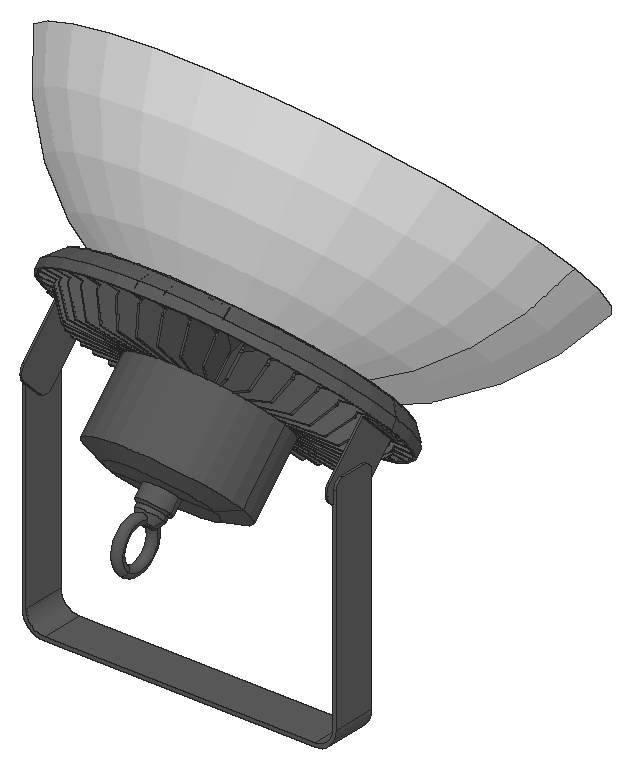
Revit family "0039350+0039353+0039356 Feilo Sylvania Lighting Fixture START HIGHBAY 6K 13KLM WIDE with BRACKET and ALU SHADE ALU COLOR", category Lighting Fixtures, host Face, Revit 2017
Family settings
  Host = Face
  Round Connector Dimension = Use Diameter
  Part Type = Normal
  OmniClass Number = 23.80.70.00
  OmniClass Title = Lighting
  Cut with Voids When Loaded = No
  Light Source = No
  Shared = No
  Room Calculation Point = No
Parameters (values of type "0039350+0039353+0039356 START HIGHBAY 6K 13KLM WIDE with BRACKET and ALU SHADE ALU COLOR")
  Weight = "3.0 kg"
  Wattage Comments = ""
  WarrantyStartDate [instance] = "n/a"
  WarrantyGuarantorParts = "n/a"
  WarrantyDurationUnit = "n/a"
  WarrantyDurationParts = "n/a"
  WarrantyDescription = "n/a"
  Voltage = 230 V
  URL = "http://www.sylvania-lighting.com"
  TypeName = "START HIGHBAY 6K 13KLM WIDE with BRACKET and ALU SHADE ALU COLOR"
  TypeHead_FEILO = Start LED Highbay Head : 0039350+0039353+0039356 START HIGHBAY 6K 13KLM WIDE with BRACKET and ALU SHADE ALU COLOR
  Type Image = <None>
  Type Comments = "n/a"
  TiltAngle_FEILO [instance] = 45.00°
  ThicknessBracketPlate_FEILO = 3 mm
  SizeBracketS_FEILO = yes
  SizeBracketM_FEILO = no
  SerialNumber [instance] = "n/a"
  RadiusBracketTop_FEILO = 7 mm
  RadiusBendOut_FEILO = if(SizeBracketS_FEILO, 18 mm, if(SizeBracketM_FEILO, 24 mm, 28 mm))  # 18 mm
  RadiusBendIn_FEILO = RadiusBendOut_FEILO - ThicknessBracketPlate_FEILO  # 15 mm
  Material_3_FEILO = none
  PowerFactor = 0.95
  PowerConsumption = "100 W"
  NominalLength = 270 mm
  NominalHeight = 170 mm
  NominalDepth = 270 mm
  Name = "START HIGHBAY 6K 13KLM WIDE with BRACKET and ALU SHADE ALU COLOR"
  ModelReference = Name  # "START HIGHBAY 6K 13KLM WIDE with BRACKET and ALU SHADE ALU COLOR"
  ModelNumber = "0039350+0039353+0039356"
  Model = Name  # "START HIGHBAY 6K 13KLM WIDE with BRACKET and ALU SHADE ALU COLOR"
  Material = "aluminium alloy housing, polycarbonate diffuser"
  ManufacturerName = "Feilo Sylvania"
  Manufacturer = "Feilo Sylvania"
  LuminousEfficacy = "130 lm/W"
  LuminaireType = ""
  LightOutputRatio = "n/a"
  LampsType = Lamp  # "LED"
  LampNominalLuminous = "13000 lm"
  LampMacAdamStep = "n/a"
  LampColourTemperature = "6500 K"
  LampColourRenderingIndex = "80"
  Lamp = "LED"
  Keynote = "16500"
  InstallationDate [instance] = "n/a"
  InputVoltage = "220-240V~"
  InputNominalFrequency = "50/60 Hz"
  IngressProtection = "IP65"
  ImpactProtectionIndex = "IK08"
  IfcExportType = "IfcLightFixtureType"
  IfcExportAs = "IfcLightFixtureType"
  ExpectedLife = 50000
  EndAngle_FEILO [instance] = TiltAngle_FEILO + 180.00°  # 225.00°
  ElectricShockClassification = "Class I"
  DurationUnit = "hours"
  DocumentationLiterature = "http://www.sylvania-lighting.com/product/en-int/products/0039350"
  DimmingControlOptions = "n/a"
  Material_2_FEILO = none
  Description = "START HIGHBAY, includes 1 m cables, black aluminium housing, 13000LM, 100W, 130lm/W, 6500K, Driver current: 2140mA, CR80, 60° beam angle, 1-10V dimmable,  IP65, IK08, 50,000 hrs (L70B50), (LxWxH) 270x270x170mm"
  Default Elevation = 1219.2 mm
  CreatedOn = "2/28/2018"
  CreatedBy = ""
  Cost = 0
  built-in parameter 1114216 [instance] = (empty or 0)
  ClassificationValue = "EF_70_80"
  ClassificationName = "Uniclass2015"
  Material_1_FEILO = Body-Sylvania-StartHighbay-Black
  BracketHeight_FEILO = if(SizeBracketS_FEILO, 199.5 mm, if(SizeBracketM_FEILO, 209.6 mm, 201.3 mm))  # 199.5 mm
  BracketDistanceInner_FEILO = if(SizeBracketS_FEILO, 249.4 mm, if(SizeBracketM_FEILO, 273.6 mm, 313.2 mm))  # 249.4 mm
  BarCode [instance] = "n/a"
  AssetType = "Fixed"
  AssetIdentifier [instance] = "n/a"
  Assembly Code = "D5020200"
  Apparent Load = 100 VA
  Material_4_FEILO = none
Reference planes
  plane 1 "Center (Front/Back)": y = 0
  plane 2: z = 0
  plane 3 "Center (Left/Right)": x = 0
  plane 4: x = -127.7
  plane 5: x = 127.7
  plane 6: z = 199.5
  plane 7: x = -124.7
  plane 8: z = 3
  plane 9: x = 124.7
  plane 10: y = 17.5
  plane 11: y = -17.5
  plane 12: y = -19.5
  plane 13: z = 201.5
  plane 14: y = 19.5
  plane 15: z = 190.5
Forms (mm)
  Extrusion 1, solid, material "Body-Sylvania-StartHighbay-Black" <- "Material_1_FEILO"
    sketch origin (0, 0, 0) x (1, 0, 0) y (0, 0, 1)
      loop
        line (-127.7, 199.5) -> (-127.7, 18)
        arc (-127.7, 18) -> (-122.428, 5.272) -> (-109.7, 0) r 18
        line (-109.7, 0) -> (109.7, 0)
        arc (109.7, 0) -> (122.428, 5.272) -> (127.7, 18) r 18
        line (127.7, 18) -> (127.7, 199.5) -> (124.7, 199.5) -> (124.7, 18)
        arc (124.7, 18) -> (120.307, 7.393) -> (109.7, 3) r 15
        line (109.7, 3) -> (-109.7, 3)
        arc (-109.7, 3) -> (-120.307, 7.393) -> (-124.7, 18) r 15
        line (-124.7, 18) -> (-124.7, 199.5) -> (-127.7, 199.5)
    from -17.5 to 17.5
  Extrusion 2, void
    sketch origin (0, 0, 0) x (0, 1, 0) y (0, 0, 1)
      loop
        arc (10.5, 199.5) -> (15.45, 197.45) -> (17.5, 192.5) r 7
        line (17.5, 192.5) -> (19.5, 192.5) -> (19.5, 201.5) -> (-19.5, 201.5) -> (-19.5, 192.5) -> (-17.5, 192.5)
        arc (-17.5, 192.5) -> (-15.45, 197.45) -> (-10.5, 199.5) r 7
        line (-10.5, 199.5) -> (10.5, 199.5)
    from -127.7 to 127.7
  Revolve 3, solid, not visible
    sketch origin (1223.4, -4572, 190.5) x (0, -1, 0) y (1, 0, 0)
      loop
        line (-4572, -1223.4) -> (-4591.5, -1223.4) -> (-4591.5, -1277.783) -> (-4572, -1277.783) -> (-4572, -1223.4)
      axis (-4572, -1223.4) -> (-4572, -1277.783)
    angle from 45 <- "TiltAngle_FEILO" to 225 <- "EndAngle_FEILO"
Cuts and joins
  Extrusion 2 cuts Extrusion 1
Dimensions and locks
  "BracketHeight_FEILO": plane 6 to plane 2
  equal spacing: plane 11, plane 1 "Center (Front/Back)", plane 10
  locked: plane 11 to plane 10 at 35
  equal spacing: plane 9, plane 3 "Center (Left/Right)", plane 7
  "BracketDistanceInner_FEILO": plane 9 to plane 7
  "ThicknessBracketPlate_FEILO": plane 7 to plane 4
  "ThicknessBracketPlate_FEILO": plane 8 to plane 2
  equal spacing: plane 5, plane 3 "Center (Left/Right)", plane 4
  equal spacing: plane 12, plane 1 "Center (Front/Back)", plane 14
  locked: plane 6 to plane 13 at 2
  locked: plane 12 to plane 11 at 2
  locked: plane 6 to plane 15 at 9
  "RadiusBendOut_FEILO": radius of Extrusion 1 sketch curve  (x2)
  "RadiusBendIn_FEILO": radius of Extrusion 1 sketch curve  (x2)
  "RadiusBracketTop_FEILO": radius of Extrusion 2 sketch curve  (x2)
  aligned and locked: plane 2 to host face
  aligned and locked: level to host face
  aligned and locked: Extrusion 1 sketch curve to plane 4
  aligned and locked: Extrusion 1 sketch curve to level
  aligned and locked: plane 6 to Extrusion 1 sketch curve
  aligned and locked: Extrusion 1 sketch curve to plane 6
  aligned and locked: Extrusion 1 sketch curve to plane 7
  aligned and locked: plane 9 to Extrusion 1 sketch curve
  aligned and locked: plane 8 to Extrusion 1 sketch curve
  aligned and locked: Extrusion 1 to plane 10
  aligned and locked: plane 11 to Extrusion 1
  aligned and locked: Extrusion 1 to Extrusion 2 sketch curve
  aligned and locked: plane 14 to Extrusion 2 sketch curve  (x2)
  aligned and locked: Extrusion 2 sketch curve to plane 12
  aligned and locked: plane 13 to Extrusion 2 sketch curve
  aligned and locked: plane 5 to Extrusion 2
  aligned and locked: Extrusion 2 to plane 4
  aligned and locked: Revolve 3 sketch curve to plane 1 "Center (Front/Back)"
  aligned and locked: Revolve 3 sketch curve to Revolve 3 sketch curve
  aligned and locked: plane 3 "Center (Left/Right)" to Revolve 3 sketch curve
  aligned and locked: Revolve 3 sketch curve to plane 14
  aligned and locked: nested 1 to plane 3 "Center (Left/Right)"
Automatic sketch dimensions
  host sketch curve to host sketch curve = 2438.4 mm  (x2)
  Revolve 3 sketch curve to Revolve 3 sketch curve = 54.383 mm
  Revolve 3 sketch curve to plane 4 = 1396.3 mm
  plane 5 to Revolve 3 sketch curve = 1396.3 mm
  Extrusion 1 sketch curve to Extrusion 1 sketch curve = 0 mm
  Extrusion 2 sketch curve to plane 11 = 0 mm
  Extrusion 2 sketch curve to plane 10 = 0 mm
Nested families
  nested 1: "Start LED Highbay Head" at (0, 0, 190.5) x (-1, 0, 0) z (0, 0.7071, 0.7071), type <- "TypeHead_FEILO", type "0039350+0039353+0039356 START HIGHBAY 6K 13KLM WIDE with BRACKET and ALU SHADE ALU COLOR"
    with built-in parameter 1114216 (empty or 0)
Connectors
  electrical at (0, 0, 0), driven by "Apparent Load", driven by "PowerFactor", driven by "Voltage"
    settings: index 1, voltage 230 V, apparent load 100 VA, apparent load phase1 0 VA, apparent load phase2 0 VA, apparent load phase3 0 VA, power factor 0.95, load classification "Lighting", number of poles 1, system type 30, power factor state 1, is connector primary yes, connector utility no, sub classification motor no, connector description ""
Definition of nested family "Start LED Highbay Head"
  Parameters (values of type "0039351+0039354+0039358 START HIGHBAY 6K 19KLM WIDE with BRACKET and PC LAMPSHADE TRANSPARENT ")
    X_FEILO = if(SizeS_FEILO, 60.3 mm, if(SizeM_FEILO, 70.4 mm, 83.5 mm))  # 70.4 mm
    WidthStraight_FEILO = if(SizeS_FEILO, 3 mm, if(SizeM_FEILO, 4 mm, 4.7 mm))  # 4 mm
    WidthRingChamfer_FEILO = if(SizeS_FEILO, 10.3 mm, if(SizeM_FEILO, 11.2 mm, 12.9 mm))  # 11.2 mm
    WidthCurved_FEILO = if(SizeS_FEILO, 17.4 mm, if(SizeM_FEILO, 16.4 mm, 26.2 mm))  # 16.4 mm
    WidthCurvedRing_FEILO = if(SizeS_FEILO, 3 mm, if(SizeM_FEILO, 4 mm, 4.7 mm))  # 4 mm
    WidthBracket_FEILO = 40 mm
    Wattage Comments = ""
    Wattage = 150 W
    built-in parameter 1150110 = 1 (stored number, unit not read)
    URL = "http://www.feilosylvania.com"
    Type Image = (empty or 0)
    Type Comments = "n/a"
    built-in parameter 1114217 = 1 (stored number, unit not read)
    Tilt Angle = -90.00°
    ThicknessWall_FEILO = 1.5 mm
    ThicknessBracket_FEILO = 1.5 mm
    ThicknessBracketHalf_FEILO = ThicknessBracket_FEILO / 2  # 0.75 mm
    built-in parameter 1150109 = 1 (stored number, unit not read)
    built-in parameter 1150134 = 1
    built-in parameter 1150113 = 1 (stored number, unit not read)
    SizeS_FEILO = no
    SizeM_FEILO = yes
    ShadeThickness_FEILO = 3 mm
    ShadeSizeSM_FEILO = or(SizeS_FEILO, SizeM_FEILO)  # yes
    ShadeRadiusOut_FEILO = 205 mm
    ShadeRadiusIn_FEILO = if(ShadeSizeSM_FEILO, 95 mm, 121 mm)  # 95 mm
    ShadeRadiusBend_FEILO = if(ShadeSizeSM_FEILO, 210 mm, 210 mm)  # 210 mm
    ShadeOn_FEILO = yes
    ShadeHeight_FEILO = if(ShadeSizeSM_FEILO, 120 mm, 151 mm)  # 120 mm
    Rib4_FEILO = if(SizeS_FEILO, 18.1 mm, if(SizeM_FEILO, 13.6 mm, 14.6 mm))  # 13.6 mm
    Rib3_FEILO = if(SizeS_FEILO, 15.3 mm, if(SizeM_FEILO, 17.6 mm, 20.2 mm))  # 17.6 mm
    Rib2_FEILO = if(SizeS_FEILO, 3.6 mm, if(SizeM_FEILO, 3.9 mm, 4.5 mm))  # 3.9 mm
    Rib1_FEILO = if(SizeS_FEILO, 15.1 mm, if(SizeM_FEILO, 16.5 mm, 19 mm))  # 16.5 mm
    RadiusDiffuser_FEILO = if(SizeS_FEILO, 95.2 mm, if(SizeM_FEILO, 105.3 mm, 120 mm))  # 105.3 mm
    RadiusArrayPost_FEILO = DriverRadius_FEILO - 6 mm  # 61.2 mm
    RHRadius3_FEILO = if(SizeS_FEILO, 6.6 mm, if(SizeM_FEILO, 7.4 mm, 8.6 mm))  # 7.4 mm
    RHRadius2_FEILO = if(SizeS_FEILO, 11 mm, if(SizeM_FEILO, 12 mm, 14 mm))  # 12 mm
    RHRadius1_FEILO = if(SizeS_FEILO, 13.6 mm, if(SizeM_FEILO, 14.9 mm, 17.7 mm))  # 14.9 mm
    RHHeight4_FEILO = if(SizeS_FEILO, 7.3 mm, if(SizeM_FEILO, 8 mm, 9.2 mm))  # 8 mm
    RHHeight3_FEILO = if(SizeS_FEILO, 3.6 mm, if(SizeM_FEILO, 3.7 mm, 4.6 mm))  # 3.7 mm
    RHHeight2_FEILO = if(SizeS_FEILO, 2 mm, if(SizeM_FEILO, 2.2 mm, 2.6 mm))  # 2.2 mm
    RHHeight1_FEILO = if(SizeS_FEILO, 11.8 mm, if(SizeM_FEILO, 15.3 mm, 17.4 mm))  # 15.3 mm
    Photometric Web File = "0039351+0039358.ies"
    Material_5_FEILO = none
    Material_3_FEILO = none
    Model = "START HIGHBAY 6K 19KLM WIDE with BRACKET and PC LAMPSHADE TRANSPARENT"
    Manufacturer = "Feilo Sylvania"
    built-in parameter 1150105 = 10854.2 (stored number, unit not read)
    Lumens = 19500 lm
    built-in parameter 1150115 = 1 (stored number, unit not read)
    built-in parameter 1150137 = (empty or 0)
    built-in parameter 1150139 = (empty or 0)
    built-in parameter 1150112 = 1 (stored number, unit not read)
    built-in parameter 1150114 = 1 (stored number, unit not read)
    Lamp = "LED"
    Keynote = "16500"
    built-in parameter 1150132 = (empty or 0)
    built-in parameter 1150102 = (empty or 0)
    built-in parameter 1150107 = 6500 (stored number, unit not read)
    built-in parameter 1150138 = (empty or 0)
    built-in parameter 1150106 = 108.54 (stored number, unit not read)
    HeightRing_FEILO = if(SizeS_FEILO, 19.8 mm, if(SizeM_FEILO, 32 mm, 36.8 mm))  # 32 mm
    HeightRingChamfer_FEILO = if(SizeS_FEILO, 11.7 mm, if(SizeM_FEILO, 23.2 mm, 26.6 mm))  # 23.2 mm
    EyeThickness_FEILO = if(SizeS_FEILO, 8.4 mm, if(SizeM_FEILO, 9.2 mm, 10.5 mm))  # 9.2 mm
    EyeThicknessHalf_FEILO = EyeThickness_FEILO / 2  # 4.6 mm
    EyeInner_FEILO = if(SizeS_FEILO, 13.8 mm, if(SizeM_FEILO, 15.1 mm, 17.3 mm))  # 15.1 mm
    Emit from Circle Diameter = RadiusDiffuser_FEILO * 2  # 210.6 mm
    Emit Shape Visible in Rendering = no
    built-in parameter 1150104 = 12.077 (stored number, unit not read)
    DriverVerticalStraight_FEILO = if(SizeS_FEILO, 46.5 mm, if(SizeM_FEILO, 49.7 mm, 57 mm))  # 49.7 mm
    DriverVerticalChamfer_FEILO = if(SizeS_FEILO, 7.5 mm, if(SizeM_FEILO, 8.2 mm, 9.5 mm))  # 8.2 mm
    DriverRadius_FEILO = if(SizeS_FEILO, 61.4 mm, if(SizeM_FEILO, 67.2 mm, 76.4 mm))  # 67.2 mm
    DriverRadiusTop_FEILO = if(SizeS_FEILO, 42 mm, if(SizeM_FEILO, 45.3 mm, 52.4 mm))  # 45.3 mm
    DriverBottom_FEILO = if(SizeS_FEILO, 56 mm, if(SizeM_FEILO, 64.5 mm, 74 mm))  # 64.5 mm
    Material_2_FEILO = none
    Radius_FEILO = if(SizeS_FEILO, 135 mm, if(SizeM_FEILO, 148 mm, 169.5 mm))  # 148 mm
    Dimming Lamp Color Temperature Shift = (empty or 0)
    DiameterWire_FEILO = 3 mm
    DiameterWireSupport_FEILO = 10 mm
    Description = "START HIGHBAY, includes 1 m cables, black aluminium housing, 19500LM, 150W, 130lm/W, 6500K, Driver current: 2140mA, CR80, 60° beam angle, 1-10V dimmable,  IP65, IK08, 50,000 hrs (L70B50), (LxWxH) 296x296x177mm"
    Default Elevation = 1219.2 mm
    Cost = 0
    Color Filter = 16777215
    built-in parameter 1114216 [instance] = (empty or 0)
    Material_1_FEILO = none
    built-in parameter 1114218 = 1 (stored number, unit not read)
    built-in parameter 1150133 = 10 (stored number, unit not read)
    Assembly Code = "D5020200"
    Apparent Load = 150 VA
    Material_4_FEILO = none
  Types (36, lengths in mm): name | X_FEILO | WidthStraight_FEILO | WidthRingChamfer_FEILO | WidthCurved_FEILO | WidthCurvedRing_FEILO | Wattage | built-in parameter 1150134 | SizeS_FEILO | SizeM_FEILO | ShadeSizeSM_FEILO | ShadeRadiusIn_FEILO | ShadeOn_FEILO | ShadeHeight_FEILO | Rib4_FEILO | Rib3_FEILO | Rib2_FEILO | Rib1_FEILO | RadiusDiffuser_FEILO | RadiusArrayPost_FEILO | RHRadius3_FEILO | RHRadius2_FEILO | RHRadius1_FEILO | RHHeight4_FEILO | RHHeight3_FEILO | RHHeight2_FEILO | RHHeight1_FEILO | Photometric Web File | Model | built-in parameter 1150105 | Lumens | built-in parameter 1150107 | built-in parameter 1150106 | HeightRing_FEILO | HeightRingChamfer_FEILO | EyeThickness_FEILO | EyeThicknessHalf_FEILO | EyeInner_FEILO | Emit from Circle Diameter | DriverVerticalStraight_FEILO | DriverVerticalChamfer_FEILO | DriverRadius_FEILO | DriverRadiusTop_FEILO | DriverBottom_FEILO | Radius_FEILO | Description | Apparent Load
    0039352+0039355+0039361 START HIGHBAY 6K 26KLM WIDE with BRACKET and PC LAMPSHADE TRANSPARENT | 83.5 | 4.7 | 12.9 | 26.2 | 4.7 | 200 W | 1 | no | no | no | 121 | yes | 151 | 14.6 | 20.2 | 4.5 | 19 | 120 | 70.4 | 8.6 | 14 | 17.7 | 9.2 | 4.6 | 2.6 | 17.4 | "0039352+0039361.ies" | "START HIGHBAY 6K 26KLM WIDE with BRACKET and PC LAMPSHADE TRANSPARENT" | 17911 (stored number, unit not read) | 26000 lm | 6500 (stored number, unit not read) | 179.11 (stored number, unit not read) | 36.8 | 26.6 | 10.5 | 5.25 | 17.3 | 240 | 57 | 9.5 | 76.4 | 52.4 | 74 | 169.5 | "START HIGHBAY, includes 1 m cables, black aluminium housing, 26000LM, 200W, 130lm/W, 6500K, Driver current: 5000mA, CR80, 60° beam angle, 1-10V dimmable,  IP65, IK08, 50,000 hrs (L70B50), (LxWxH) 339x339x194mm" | 200 VA
    0039352+0039355+0039360 START HIGHBAY 6K 26KLM WIDE with BRACKET and ALU SHADE BLACK COLOR | 83.5 | 4.7 | 12.9 | 26.2 | 4.7 | 200 W | 1 | no | no | no | 121 | yes | 151 | 14.6 | 20.2 | 4.5 | 19 | 120 | 70.4 | 8.6 | 14 | 17.7 | 9.2 | 4.6 | 2.6 | 17.4 | "0039352+0039360.ies" | "START HIGHBAY 6K 26KLM WIDE with BRACKET and ALU SHADE BLACK COLOR" | 14870 (stored number, unit not read) | 26000 lm | 6500 (stored number, unit not read) | 148.7 (stored number, unit not read) | 36.8 | 26.6 | 10.5 | 5.25 | 17.3 | 240 | 57 | 9.5 | 76.4 | 52.4 | 74 | 169.5 | "START HIGHBAY, includes 1 m cables, black aluminium housing, 26000LM, 200W, 130lm/W, 6500K, Driver current: 5000mA, CR80, 60° beam angle, 1-10V dimmable,  IP65, IK08, 50,000 hrs (L70B50), (LxWxH) 339x339x194mm" | 200 VA
    0039352+0039355+0039359 START HIGHBAY 6K 26KLM WIDE with BRACKET and ALU SHADE ALU COLOR | 83.5 | 4.7 | 12.9 | 26.2 | 4.7 | 200 W | 1 | no | no | no | 121 | yes | 151 | 14.6 | 20.2 | 4.5 | 19 | 120 | 70.4 | 8.6 | 14 | 17.7 | 9.2 | 4.6 | 2.6 | 17.4 | "0039352+0039359.ies" | "START HIGHBAY 6K 26KLM WIDE with BRACKET and ALU SHADE ALU COLOR" | 14870 (stored number, unit not read) | 26000 lm | 6500 (stored number, unit not read) | 148.7 (stored number, unit not read) | 36.8 | 26.6 | 10.5 | 5.25 | 17.3 | 240 | 57 | 9.5 | 76.4 | 52.4 | 74 | 169.5 | "START HIGHBAY, includes 1 m cables, black aluminium housing, 26000LM, 200W, 130lm/W, 6500K, Driver current: 5000mA, CR80, 60° beam angle, 1-10V dimmable,  IP65, IK08, 50,000 hrs (L70B50), (LxWxH) 339x339x194mm" | 200 VA
    0039352+0039355 START HIGHBAY 6K 26KLM WIDE with BRACKET | 83.5 | 4.7 | 12.9 | 26.2 | 4.7 | 200 W | 1 | no | no | no | 121 | no | 151 | 14.6 | 20.2 | 4.5 | 19 | 120 | 70.4 | 8.6 | 14 | 17.7 | 9.2 | 4.6 | 2.6 | 17.4 | "0039352.ies" | "START HIGHBAY 6K 26KLM WIDE with BRACKET" | 13836.2 (stored number, unit not read) | 26000 lm | 6500 (stored number, unit not read) | 138.36 (stored number, unit not read) | 36.8 | 26.6 | 10.5 | 5.25 | 17.3 | 240 | 57 | 9.5 | 76.4 | 52.4 | 74 | 169.5 | "START HIGHBAY, includes 1 m cables, black aluminium housing, 26000LM, 200W, 130lm/W, 6500K, Driver current: 5000mA, CR80, 60° beam angle, 1-10V dimmable,  IP65, IK08, 50,000 hrs (L70B50), (LxWxH) 339x339x194mm" | 200 VA
    0039351+0039354+0039358 START HIGHBAY 6K 19KLM WIDE with BRACKET and PC LAMPSHADE TRANSPARENT | 70.4 | 4 | 11.2 | 16.4 | 4 | 150 W | 1 | no | yes | yes | 95 | yes | 120 | 13.6 | 17.6 | 3.9 | 16.5 | 105.3 | 61.2 | 7.4 | 12 | 14.9 | 8 | 3.7 | 2.2 | 15.3 | "0039351+0039358.ies" | "START HIGHBAY 6K 19KLM WIDE with BRACKET and PC LAMPSHADE TRANSPARENT" | 10854.2 (stored number, unit not read) | 19500 lm | 6500 (stored number, unit not read) | 108.54 (stored number, unit not read) | 32 | 23.2 | 9.2 | 4.6 | 15.1 | 210.6 | 49.7 | 8.2 | 67.2 | 45.3 | 64.5 | 148 | "START HIGHBAY, includes 1 m cables, black aluminium housing, 19500LM, 150W, 130lm/W, 6500K, Driver current: 2140mA, CR80, 60° beam angle, 1-10V dimmable,  IP65, IK08, 50,000 hrs (L70B50), (LxWxH) 296x296x177mm" | 150 VA
    0039351+0039354+0039357 START HIGHBAY 6K 19KLM WIDE with BRACKET and ALU SHADE BLACK COLOR | 70.4 | 4 | 11.2 | 16.4 | 4 | 150 W | 1 | no | yes | yes | 95 | yes | 120 | 13.6 | 17.6 | 3.9 | 16.5 | 105.3 | 61.2 | 7.4 | 12 | 14.9 | 8 | 3.7 | 2.2 | 15.3 | "0039351+0039357.ies" | "START HIGHBAY 6K 19KLM WIDE with BRACKET and ALU SHADE BLACK COLOR" | 11152.5 (stored number, unit not read) | 19500 lm | 6500 (stored number, unit not read) | 111.52 (stored number, unit not read) | 32 | 23.2 | 9.2 | 4.6 | 15.1 | 210.6 | 49.7 | 8.2 | 67.2 | 45.3 | 64.5 | 148 | "START HIGHBAY, includes 1 m cables, black aluminium housing, 19500LM, 150W, 130lm/W, 6500K, Driver current: 2140mA, CR80, 60° beam angle, 1-10V dimmable,  IP65, IK08, 50,000 hrs (L70B50), (LxWxH) 296x296x177mm" | 150 VA
    0039351+0039354+0039356 START HIGHBAY 6K 19KLM WIDE with BRACKET and ALU SHADE ALU COLOR | 70.4 | 4 | 11.2 | 16.4 | 4 | 150 W | 1 | no | yes | yes | 95 | yes | 120 | 13.6 | 17.6 | 3.9 | 16.5 | 105.3 | 61.2 | 7.4 | 12 | 14.9 | 8 | 3.7 | 2.2 | 15.3 | "0039351+0039356.ies" | "START HIGHBAY 6K 19KLM WIDE with BRACKET and ALU SHADE ALU COLOR" | 11152.5 (stored number, unit not read) | 19500 lm | 6500 (stored number, unit not read) | 111.52 (stored number, unit not read) | 32 | 23.2 | 9.2 | 4.6 | 15.1 | 210.6 | 49.7 | 8.2 | 67.2 | 45.3 | 64.5 | 148 | "START HIGHBAY, includes 1 m cables, black aluminium housing, 19500LM, 150W, 130lm/W, 6500K, Driver current: 2140mA, CR80, 60° beam angle, 1-10V dimmable,  IP65, IK08, 50,000 hrs (L70B50), (LxWxH) 296x296x177mm" | 150 VA
    0039351+0039354 START HIGHBAY 6K 19KLM WIDE with BRACKET | 70.4 | 4 | 11.2 | 16.4 | 4 | 150 W | 1 | no | yes | yes | 95 | no | 120 | 13.6 | 17.6 | 3.9 | 16.5 | 105.3 | 61.2 | 7.4 | 12 | 14.9 | 8 | 3.7 | 2.2 | 15.3 | "0039351.ies" | "START HIGHBAY 6K 19KLM WIDE with BRACKET" | 10377.1 (stored number, unit not read) | 19500 lm | 6500 (stored number, unit not read) | 103.77 (stored number, unit not read) | 32 | 23.2 | 9.2 | 4.6 | 15.1 | 210.6 | 49.7 | 8.2 | 67.2 | 45.3 | 64.5 | 148 | "START HIGHBAY, includes 1 m cables, black aluminium housing, 19500LM, 150W, 130lm/W, 6500K, Driver current: 2140mA, CR80, 60° beam angle, 1-10V dimmable,  IP65, IK08, 50,000 hrs (L70B50), (LxWxH) 296x296x177mm" | 150 VA
    0039350+0039353+0039358 START HIGHBAY 6K 13KLM WIDE with BRACKET and PC LAMPSHADE TRANSPARENT | 60.3 | 3 | 10.3 | 17.4 | 3 | 100 W | 1 | yes | no | yes | 95 | yes | 120 | 18.1 | 15.3 | 3.6 | 15.1 | 95.2 | 55.4 | 6.6 | 11 | 13.6 | 7.3 | 3.6 | 2 | 11.8 | "0039350+0039358.ies" | "START HIGHBAY 6K 13KLM WIDE with BRACKET and PC LAMPSHADE TRANSPARENT" | 7236.1 (stored number, unit not read) | 13000 lm | 6500 (stored number, unit not read) | 72.361 (stored number, unit not read) | 19.8 | 11.7 | 8.4 | 4.2 | 13.8 | 190.4 | 46.5 | 7.5 | 61.4 | 42 | 56 | 135 | "START HIGHBAY, includes 1 m cables, black aluminium housing, 13000LM, 100W, 130lm/W, 6500K, Driver current: 2140mA, CR80, 60° beam angle, 1-10V dimmable,  IP65, IK08, 50,000 hrs (L70B50), (LxWxH) 270x270x170mm" | 100 VA
    0039350+0039353+0039357 START HIGHBAY 6K 13KLM WIDE with BRACKET and ALU SHADE BLACK COLOR | 60.3 | 3 | 10.3 | 17.4 | 3 | 100 W | 1 | yes | no | yes | 95 | yes | 120 | 18.1 | 15.3 | 3.6 | 15.1 | 95.2 | 55.4 | 6.6 | 11 | 13.6 | 7.3 | 3.6 | 2 | 11.8 | "0039350+0039357.ies" | "START HIGHBAY 6K 13KLM WIDE with BRACKET and ALU SHADE BLACK COLOR" | 7435 (stored number, unit not read) | 13000 lm | 6500 (stored number, unit not read) | 74.35 (stored number, unit not read) | 19.8 | 11.7 | 8.4 | 4.2 | 13.8 | 190.4 | 46.5 | 7.5 | 61.4 | 42 | 56 | 135 | "START HIGHBAY, includes 1 m cables, black aluminium housing, 13000LM, 100W, 130lm/W, 6500K, Driver current: 2140mA, CR80, 60° beam angle, 1-10V dimmable,  IP65, IK08, 50,000 hrs (L70B50), (LxWxH) 270x270x170mm" | 100 VA
    0039350+0039353+0039356 START HIGHBAY 6K 13KLM WIDE with BRACKET and ALU SHADE ALU COLOR | 60.3 | 3 | 10.3 | 17.4 | 3 | 100 W | 1 | yes | no | yes | 95 | yes | 120 | 18.1 | 15.3 | 3.6 | 15.1 | 95.2 | 55.4 | 6.6 | 11 | 13.6 | 7.3 | 3.6 | 2 | 11.8 | "0039350+0039356.ies" | "START HIGHBAY 6K 13KLM WIDE with BRACKET and ALU SHADE ALU COLOR" | 7435 (stored number, unit not read) | 13000 lm | 6500 (stored number, unit not read) | 74.35 (stored number, unit not read) | 19.8 | 11.7 | 8.4 | 4.2 | 13.8 | 190.4 | 46.5 | 7.5 | 61.4 | 42 | 56 | 135 | "START HIGHBAY, includes 1 m cables, black aluminium housing, 13000LM, 100W, 130lm/W, 6500K, Driver current: 2140mA, CR80, 60° beam angle, 1-10V dimmable,  IP65, IK08, 50,000 hrs (L70B50), (LxWxH) 270x270x170mm" | 100 VA
    0039350+0039353 START HIGHBAY 6K 13KLM WIDE with BRACKET | 60.3 | 3 | 10.3 | 17.4 | 3 | 100 W | 1 | yes | no | yes | 95 | no | 120 | 18.1 | 15.3 | 3.6 | 15.1 | 95.2 | 55.4 | 6.6 | 11 | 13.6 | 7.3 | 3.6 | 2 | 11.8 | "0039350.ies" | "START HIGHBAY 6K 13KLM WIDE with BRACKET" | 6918.1 (stored number, unit not read) | 13000 lm | 6500 (stored number, unit not read) | 69.181 (stored number, unit not read) | 19.8 | 11.7 | 8.4 | 4.2 | 13.8 | 190.4 | 46.5 | 7.5 | 61.4 | 42 | 56 | 135 | "START HIGHBAY, includes 1 m cables, black aluminium housing, 13000LM, 100W, 130lm/W, 6500K, Driver current: 2140mA, CR80, 60° beam angle, 1-10V dimmable,  IP65, IK08, 50,000 hrs (L70B50), (LxWxH) 270x270x170mm" | 100 VA
    0039349+0039355+0039361 START HIGHBAY 4K 26KLM WIDE with BRACKET and PC LAMPSHADE TRANSPARENT FOR | 83.5 | 4.7 | 12.9 | 26.2 | 4.7 | 200 W | 12 | no | no | no | 121 | yes | 151 | 14.6 | 20.2 | 4.5 | 19 | 120 | 70.4 | 8.6 | 14 | 17.7 | 9.2 | 4.6 | 2.6 | 17.4 | "0039349+0039361.ies" | "START HIGHBAY 4K 26KLM WIDE with BRACKET and PC LAMPSHADE TRANSPARENT FOR" | 17911 (stored number, unit not read) | 26000 lm | 4000 (stored number, unit not read) | 179.11 (stored number, unit not read) | 36.8 | 26.6 | 10.5 | 5.25 | 17.3 | 240 | 57 | 9.5 | 76.4 | 52.4 | 74 | 169.5 | "START HIGHBAY, includes 1 m cables, black aluminium housing, 26000LM, 200W, 130lm/W, 4000K, Driver current: 5000mA, CR80, 90° beam angle, 1-10V dimmable,  IP65, IK08, 50,000 hrs (L70B50), (LxWxH) 339x339x194mm" | 200 VA
    0039349+0039355+0039360 START HIGHBAY 4K 26KLM WIDE with BRACKET and ALU SHADE BLACK COLOR | 83.5 | 4.7 | 12.9 | 26.2 | 4.7 | 200 W | 12 | no | no | no | 121 | yes | 151 | 14.6 | 20.2 | 4.5 | 19 | 120 | 70.4 | 8.6 | 14 | 17.7 | 9.2 | 4.6 | 2.6 | 17.4 | "0039349+0039360.ies" | "START HIGHBAY 4K 26KLM WIDE with BRACKET and ALU SHADE BLACK COLOR" | 14870 (stored number, unit not read) | 26000 lm | 4000 (stored number, unit not read) | 148.7 (stored number, unit not read) | 36.8 | 26.6 | 10.5 | 5.25 | 17.3 | 240 | 57 | 9.5 | 76.4 | 52.4 | 74 | 169.5 | "START HIGHBAY, includes 1 m cables, black aluminium housing, 26000LM, 200W, 130lm/W, 4000K, Driver current: 5000mA, CR80, 90° beam angle, 1-10V dimmable,  IP65, IK08, 50,000 hrs (L70B50), (LxWxH) 339x339x194mm" | 200 VA
    0039349+0039355+0039359 START HIGHBAY 4K 26KLM WIDE with BRACKET and ALU SHADE ALU COLOR | 83.5 | 4.7 | 12.9 | 26.2 | 4.7 | 200 W | 12 | no | no | no | 121 | yes | 151 | 14.6 | 20.2 | 4.5 | 19 | 120 | 70.4 | 8.6 | 14 | 17.7 | 9.2 | 4.6 | 2.6 | 17.4 | "0039349+0039359.ies" | "START HIGHBAY 4K 26KLM WIDE with BRACKET and ALU SHADE ALU COLOR" | 14870 (stored number, unit not read) | 26000 lm | 4000 (stored number, unit not read) | 148.7 (stored number, unit not read) | 36.8 | 26.6 | 10.5 | 5.25 | 17.3 | 240 | 57 | 9.5 | 76.4 | 52.4 | 74 | 169.5 | "START HIGHBAY, includes 1 m cables, black aluminium housing, 26000LM, 200W, 130lm/W, 4000K, Driver current: 5000mA, CR80, 90° beam angle, 1-10V dimmable,  IP65, IK08, 50,000 hrs (L70B50), (LxWxH) 339x339x194mm" | 200 VA
    0039349+0039355 START HIGHBAY 4K 26KLM WIDE with BRACKET | 83.5 | 4.7 | 12.9 | 26.2 | 4.7 | 200 W | 12 | no | no | no | 121 | no | 151 | 14.6 | 20.2 | 4.5 | 19 | 120 | 70.4 | 8.6 | 14 | 17.7 | 9.2 | 4.6 | 2.6 | 17.4 | "0039349.ies" | "START HIGHBAY 4K 26KLM WIDE with BRACKET" | 13836.2 (stored number, unit not read) | 26000 lm | 4000 (stored number, unit not read) | 138.36 (stored number, unit not read) | 36.8 | 26.6 | 10.5 | 5.25 | 17.3 | 240 | 57 | 9.5 | 76.4 | 52.4 | 74 | 169.5 | "START HIGHBAY, includes 1 m cables, black aluminium housing, 26000LM, 200W, 130lm/W, 4000K, Driver current: 5000mA, CR80, 90° beam angle, 1-10V dimmable,  IP65, IK08, 50,000 hrs (L70B50), (LxWxH) 339x339x194mm" | 200 VA
    0039348+0039354+0039358 START HIGHBAY 4K 19KLM WIDE with BRACKET and PC LAMPSHADE TRANSPARENT | 70.4 | 4 | 11.2 | 16.4 | 4 | 150 W | 12 | no | yes | yes | 95 | yes | 120 | 13.6 | 17.6 | 3.9 | 16.5 | 105.3 | 61.2 | 7.4 | 12 | 14.9 | 8 | 3.7 | 2.2 | 15.3 | "0039348+0039358.ies" | "START HIGHBAY 4K 19KLM WIDE with BRACKET and PC LAMPSHADE TRANSPARENT" | 10854.2 (stored number, unit not read) | 19500 lm | 4000 (stored number, unit not read) | 108.54 (stored number, unit not read) | 32 | 23.2 | 9.2 | 4.6 | 15.1 | 210.6 | 49.7 | 8.2 | 67.2 | 45.3 | 64.5 | 148 | "START HIGHBAY, includes 1 m cables, black aluminium housing, 19500LM, 150W, 130lm/W, 4000K, Driver current: 3210mA, CR80, 90° beam angle, 1-10V dimmable,  IP65, IK08, 50,000 hrs (L70B50), (LxWxH) 296x296x177mm" | 150 VA
    0039348+0039354+0039357 START HIGHBAY 4K 19KLM WIDE with BRACKET and ALU SHADE BLACK COLOR | 70.4 | 4 | 11.2 | 16.4 | 4 | 150 W | 12 | no | yes | yes | 95 | yes | 120 | 13.6 | 17.6 | 3.9 | 16.5 | 105.3 | 61.2 | 7.4 | 12 | 14.9 | 8 | 3.7 | 2.2 | 15.3 | "0039348+0039357.ies" | "START HIGHBAY 4K 19KLM WIDE with BRACKET and ALU SHADE BLACK COLOR" | 11152.5 (stored number, unit not read) | 19500 lm | 4000 (stored number, unit not read) | 111.52 (stored number, unit not read) | 32 | 23.2 | 9.2 | 4.6 | 15.1 | 210.6 | 49.7 | 8.2 | 67.2 | 45.3 | 64.5 | 148 | "START HIGHBAY, includes 1 m cables, black aluminium housing, 19500LM, 150W, 130lm/W, 4000K, Driver current: 3210mA, CR80, 90° beam angle, 1-10V dimmable,  IP65, IK08, 50,000 hrs (L70B50), (LxWxH) 296x296x177mm" | 150 VA
    0039348+0039354+0039356 START HIGHBAY 4K 19KLM WIDE with BRACKET and ALU SHADE ALU COLOR | 70.4 | 4 | 11.2 | 16.4 | 4 | 150 W | 12 | no | yes | yes | 95 | yes | 120 | 13.6 | 17.6 | 3.9 | 16.5 | 105.3 | 61.2 | 7.4 | 12 | 14.9 | 8 | 3.7 | 2.2 | 15.3 | "0039348+0039356.ies" | "START HIGHBAY 4K 19KLM WIDE with BRACKET and ALU SHADE ALU COLOR" | 11152.5 (stored number, unit not read) | 19500 lm | 4000 (stored number, unit not read) | 111.52 (stored number, unit not read) | 32 | 23.2 | 9.2 | 4.6 | 15.1 | 210.6 | 49.7 | 8.2 | 67.2 | 45.3 | 64.5 | 148 | "START HIGHBAY, includes 1 m cables, black aluminium housing, 19500LM, 150W, 130lm/W, 4000K, Driver current: 3210mA, CR80, 90° beam angle, 1-10V dimmable,  IP65, IK08, 50,000 hrs (L70B50), (LxWxH) 296x296x177mm" | 150 VA
    0039348+0039354 START HIGHBAY 4K 19KLM WIDE with BRACKET | 70.4 | 4 | 11.2 | 16.4 | 4 | 150 W | 12 | no | yes | yes | 95 | no | 120 | 13.6 | 17.6 | 3.9 | 16.5 | 105.3 | 61.2 | 7.4 | 12 | 14.9 | 8 | 3.7 | 2.2 | 15.3 | "0039348.ies" | "START HIGHBAY 4K 19KLM WIDE with BRACKET" | 10377.1 (stored number, unit not read) | 19500 lm | 4000 (stored number, unit not read) | 103.77 (stored number, unit not read) | 32 | 23.2 | 9.2 | 4.6 | 15.1 | 210.6 | 49.7 | 8.2 | 67.2 | 45.3 | 64.5 | 148 | "START HIGHBAY, includes 1 m cables, black aluminium housing, 19500LM, 150W, 130lm/W, 4000K, Driver current: 3210mA, CR80, 90° beam angle, 1-10V dimmable,  IP65, IK08, 50,000 hrs (L70B50), (LxWxH) 296x296x177mm" | 150 VA
    0039347+0039353+0039358 START HIGHBAY 4K 13KLM WIDE with BRACKET and PC LAMPSHADE TRANSPARENT | 60.3 | 3 | 10.3 | 17.4 | 3 | 100 W | 12 | yes | no | yes | 95 | yes | 120 | 18.1 | 15.3 | 3.6 | 15.1 | 95.2 | 55.4 | 6.6 | 11 | 13.6 | 7.3 | 3.6 | 2 | 11.8 | "0039347+0039358.ies" | "START HIGHBAY 4K 13KLM WIDE with BRACKET and PC LAMPSHADE TRANSPARENT" | 7236.1 (stored number, unit not read) | 13000 lm | 4000 (stored number, unit not read) | 72.361 (stored number, unit not read) | 19.8 | 11.7 | 8.4 | 4.2 | 13.8 | 190.4 | 46.5 | 7.5 | 61.4 | 42 | 56 | 135 | "START HIGHBAY, includes 1 m cables, black aluminium housing, 13000LM, 100W, 130lm/W, 4000K, Driver current: 2140mA, CR80, 90° beam angle, 1-10V dimmable,  IP65, IK08, 50,000 hrs (L70B50), (LxWxH) 270x270x170mm" | 100 VA
    0039347+0039353+0039357 START HIGHBAY 4K 13KLM WIDE with BRACKET and ALU SHADE BLACK COLOR | 60.3 | 3 | 10.3 | 17.4 | 3 | 100 W | 12 | yes | no | yes | 95 | yes | 120 | 18.1 | 15.3 | 3.6 | 15.1 | 95.2 | 55.4 | 6.6 | 11 | 13.6 | 7.3 | 3.6 | 2 | 11.8 | "0039347+0039357.ies" | "START HIGHBAY 4K 13KLM WIDE with BRACKET and ALU SHADE BLACK COLOR" | 7435 (stored number, unit not read) | 13000 lm | 4000 (stored number, unit not read) | 74.35 (stored number, unit not read) | 19.8 | 11.7 | 8.4 | 4.2 | 13.8 | 190.4 | 46.5 | 7.5 | 61.4 | 42 | 56 | 135 | "START HIGHBAY, includes 1 m cables, black aluminium housing, 13000LM, 100W, 130lm/W, 4000K, Driver current: 2140mA, CR80, 90° beam angle, 1-10V dimmable,  IP65, IK08, 50,000 hrs (L70B50), (LxWxH) 270x270x170mm" | 100 VA
    0039347+0039353+0039356 START HIGHBAY 4K 13KLM WIDE with BRACKET and ALU SHADE ALU COLOR | 60.3 | 3 | 10.3 | 17.4 | 3 | 100 W | 12 | yes | no | yes | 95 | yes | 120 | 18.1 | 15.3 | 3.6 | 15.1 | 95.2 | 55.4 | 6.6 | 11 | 13.6 | 7.3 | 3.6 | 2 | 11.8 | "0039347+0039356.ies" | "START HIGHBAY 4K 13KLM WIDE with BRACKET and ALU SHADE ALU COLOR" | 7435 (stored number, unit not read) | 13000 lm | 4000 (stored number, unit not read) | 74.35 (stored number, unit not read) | 19.8 | 11.7 | 8.4 | 4.2 | 13.8 | 190.4 | 46.5 | 7.5 | 61.4 | 42 | 56 | 135 | "START HIGHBAY, includes 1 m cables, black aluminium housing, 13000LM, 100W, 130lm/W, 4000K, Driver current: 2140mA, CR80, 90° beam angle, 1-10V dimmable,  IP65, IK08, 50,000 hrs (L70B50), (LxWxH) 270x270x170mm" | 100 VA
    0039347+0039353 START HIGHBAY 4K 13KLM WIDE with BRACKET | 60.3 | 3 | 10.3 | 17.4 | 3 | 100 W | 12 | yes | no | yes | 95 | no | 120 | 18.1 | 15.3 | 3.6 | 15.1 | 95.2 | 55.4 | 6.6 | 11 | 13.6 | 7.3 | 3.6 | 2 | 11.8 | "0039347.ies" | "START HIGHBAY 4K 13KLM WIDE with BRACKET" | 6918.1 (stored number, unit not read) | 13000 lm | 4000 (stored number, unit not read) | 69.181 (stored number, unit not read) | 19.8 | 11.7 | 8.4 | 4.2 | 13.8 | 190.4 | 46.5 | 7.5 | 61.4 | 42 | 56 | 135 | "START HIGHBAY, includes 1 m cables, black aluminium housing, 13000LM, 100W, 130lm/W, 4000K, Driver current: 2140mA, CR80, 90° beam angle, 1-10V dimmable,  IP65, IK08, 50,000 hrs (L70B50), (LxWxH) 270x270x170mm" | 100 VA
    0039346+0039355+0039361 START HIGHBAY 4K 26KLM MEDIUM with BRACKET and PC LAMPSHADE TRANSPARENT | 83.5 | 4.7 | 12.9 | 26.2 | 4.7 | 200 W | 12 | no | no | no | 121 | yes | 151 | 14.6 | 20.2 | 4.5 | 19 | 120 | 70.4 | 8.6 | 14 | 17.7 | 9.2 | 4.6 | 2.6 | 17.4 | "0039346+0039361.ies" | "START HIGHBAY 4K 26KLM MEDIUM with BRACKET and PC LAMPSHADE TRANSPARENT" | 35142.4 (stored number, unit not read) | 26000 lm | 4000 (stored number, unit not read) | 351.42 (stored number, unit not read) | 36.8 | 26.6 | 10.5 | 5.25 | 17.3 | 240 | 57 | 9.5 | 76.4 | 52.4 | 74 | 169.5 | "START HIGHBAY, includes 1 m cables, black aluminium housing, 26000LM, 200W, 130lm/W, 4000K, Driver current: 5000mA, CR80, 60° beam angle, 1-10V dimmable,  IP65, IK08, 50,000 hrs (L70B50), (LxWxH) 339x339x194mm" | 200 VA
    0039346+0039355+0039360 START HIGHBAY 4K 26KLM MEDIUM with BRACKET and ALU SHADE BLACK COLOR | 83.5 | 4.7 | 12.9 | 26.2 | 4.7 | 200 W | 12 | no | no | no | 121 | yes | 151 | 14.6 | 20.2 | 4.5 | 19 | 120 | 70.4 | 8.6 | 14 | 17.7 | 9.2 | 4.6 | 2.6 | 17.4 | "0039346+0039360.ies" | "START HIGHBAY 4K 26KLM MEDIUM with BRACKET and ALU SHADE BLACK COLOR" | 35336 (stored number, unit not read) | 26000 lm | 4000 (stored number, unit not read) | 353.36 (stored number, unit not read) | 36.8 | 26.6 | 10.5 | 5.25 | 17.3 | 240 | 57 | 9.5 | 76.4 | 52.4 | 74 | 169.5 | "START HIGHBAY, includes 1 m cables, black aluminium housing, 26000LM, 200W, 130lm/W, 4000K, Driver current: 5000mA, CR80, 60° beam angle, 1-10V dimmable,  IP65, IK08, 50,000 hrs (L70B50), (LxWxH) 339x339x194mm" | 200 VA
    0039346+0039355+0039359 START HIGHBAY 4K 26KLM MEDIUM with BRACKET and ALU SHADE ALU COLOR | 83.5 | 4.7 | 12.9 | 26.2 | 4.7 | 200 W | 12 | no | no | no | 121 | yes | 151 | 14.6 | 20.2 | 4.5 | 19 | 120 | 70.4 | 8.6 | 14 | 17.7 | 9.2 | 4.6 | 2.6 | 17.4 | "0039346+0039359.ies" | "START HIGHBAY 4K 26KLM MEDIUM with BRACKET and ALU SHADE ALU COLOR" | 35336 (stored number, unit not read) | 26000 lm | 4000 (stored number, unit not read) | 353.36 (stored number, unit not read) | 36.8 | 26.6 | 10.5 | 5.25 | 17.3 | 240 | 57 | 9.5 | 76.4 | 52.4 | 74 | 169.5 | "START HIGHBAY, includes 1 m cables, black aluminium housing, 26000LM, 200W, 130lm/W, 4000K, Driver current: 5000mA, CR80, 60° beam angle, 1-10V dimmable,  IP65, IK08, 50,000 hrs (L70B50), (LxWxH) 339x339x194mm" | 200 VA
    0039346+0039355 START HIGHBAY 4K 26KLM MEDIUM with BRACKET | 83.5 | 4.7 | 12.9 | 26.2 | 4.7 | 200 W | 12 | no | no | no | 121 | no | 151 | 14.6 | 20.2 | 4.5 | 19 | 120 | 70.4 | 8.6 | 14 | 17.7 | 9.2 | 4.6 | 2.6 | 17.4 | "0039346.ies" | "START HIGHBAY 4K 26KLM MEDIUM with BRACKET" | 32161 (stored number, unit not read) | 26000 lm | 4000 (stored number, unit not read) | 321.61 (stored number, unit not read) | 36.8 | 26.6 | 10.5 | 5.25 | 17.3 | 240 | 57 | 9.5 | 76.4 | 52.4 | 74 | 169.5 | "START HIGHBAY, includes 1 m cables, black aluminium housing, 26000LM, 200W, 130lm/W, 4000K, Driver current: 5000mA, CR80, 60° beam angle, 1-10V dimmable,  IP65, IK08, 50,000 hrs (L70B50), (LxWxH) 339x339x194mm" | 200 VA
    0039345+0039354+0039358 START HIGHBAY 4K 19KLM MEDIUM with BRACKET and PC LAMPSHADE TRANSPARENT | 70.4 | 4 | 11.2 | 16.4 | 4 | 150 W | 12 | no | yes | yes | 95 | yes | 120 | 13.6 | 17.6 | 3.9 | 16.5 | 105.3 | 61.2 | 7.4 | 12 | 14.9 | 8 | 3.7 | 2.2 | 15.3 | "0039345+0039358.ies" | "START HIGHBAY 4K 19KLM MEDIUM with BRACKET and PC LAMPSHADE TRANSPARENT" | 24535.9 (stored number, unit not read) | 19500 lm | 4000 (stored number, unit not read) | 245.36 (stored number, unit not read) | 32 | 23.2 | 9.2 | 4.6 | 15.1 | 210.6 | 49.7 | 8.2 | 67.2 | 45.3 | 64.5 | 148 | "START HIGHBAY, includes 1 m cables, black aluminium housing, 19500LM, 150W, 130lm/W, 4000K, Driver current: 3210mA, CR80, 60° beam angle, 1-10V dimmable,  IP65, IK08, 50,000 hrs (L70B50), (LxWxH) 296x296x177mm" | 150 VA
    0039345+0039354+0039357 START HIGHBAY 4K 19KLM MEDIUM with BRACKET and ALU SHADE BLACK COLOR | 70.4 | 4 | 11.2 | 16.4 | 4 | 150 W | 12 | no | yes | yes | 95 | yes | 120 | 13.6 | 17.6 | 3.9 | 16.5 | 105.3 | 61.2 | 7.4 | 12 | 14.9 | 8 | 3.7 | 2.2 | 15.3 | "0039345+0039357.ies" | "START HIGHBAY 4K 19KLM MEDIUM with BRACKET and ALU SHADE BLACK COLOR" | 26502 (stored number, unit not read) | 19500 lm | 4000 (stored number, unit not read) | 265.02 (stored number, unit not read) | 32 | 23.2 | 9.2 | 4.6 | 15.1 | 210.6 | 49.7 | 8.2 | 67.2 | 45.3 | 64.5 | 148 | "START HIGHBAY, includes 1 m cables, black aluminium housing, 19500LM, 150W, 130lm/W, 4000K, Driver current: 3210mA, CR80, 60° beam angle, 1-10V dimmable,  IP65, IK08, 50,000 hrs (L70B50), (LxWxH) 296x296x177mm" | 150 VA
    0039345+0039354+0039356 START HIGHBAY 4K 19KLM MEDIUM with BRACKET and ALU SHADE ALU COLOR | 70.4 | 4 | 11.2 | 16.4 | 4 | 150 W | 12 | no | yes | yes | 95 | yes | 120 | 13.6 | 17.6 | 3.9 | 16.5 | 105.3 | 61.2 | 7.4 | 12 | 14.9 | 8 | 3.7 | 2.2 | 15.3 | "0039345+0039356.ies" | "START HIGHBAY 4K 19KLM MEDIUM with BRACKET and ALU SHADE ALU COLOR" | 26502 (stored number, unit not read) | 19500 lm | 4000 (stored number, unit not read) | 265.02 (stored number, unit not read) | 32 | 23.2 | 9.2 | 4.6 | 15.1 | 210.6 | 49.7 | 8.2 | 67.2 | 45.3 | 64.5 | 148 | "START HIGHBAY, includes 1 m cables, black aluminium housing, 19500LM, 150W, 130lm/W, 4000K, Driver current: 3210mA, CR80, 60° beam angle, 1-10V dimmable,  IP65, IK08, 50,000 hrs (L70B50), (LxWxH) 296x296x177mm" | 150 VA
    0039345+0039354 START HIGHBAY 4K 19KLM MEDIUM with BRACKET | 70.4 | 4 | 11.2 | 16.4 | 4 | 150 W | 12 | no | yes | yes | 95 | no | 120 | 13.6 | 17.6 | 3.9 | 16.5 | 105.3 | 61.2 | 7.4 | 12 | 14.9 | 8 | 3.7 | 2.2 | 15.3 | "0039345.ies" | "START HIGHBAY 4K 19KLM MEDIUM with BRACKET" | 24120.8 (stored number, unit not read) | 19500 lm | 4000 (stored number, unit not read) | 241.21 (stored number, unit not read) | 32 | 23.2 | 9.2 | 4.6 | 15.1 | 210.6 | 49.7 | 8.2 | 67.2 | 45.3 | 64.5 | 148 | "START HIGHBAY, includes 1 m cables, black aluminium housing, 19500LM, 150W, 130lm/W, 4000K, Driver current: 3210mA, CR80, 60° beam angle, 1-10V dimmable,  IP65, IK08, 50,000 hrs (L70B50), (LxWxH) 296x296x177mm" | 150 VA
    0039344+0039353+0039358 START HIGHBAY 4K 13KLM MEDIUM with BRACKET and PC LAMPSHADE TRANSPARENT | 60.3 | 3 | 10.3 | 17.4 | 3 | 100 W | 12 | yes | no | yes | 95 | yes | 120 | 18.1 | 15.3 | 3.6 | 15.1 | 95.2 | 55.4 | 6.6 | 11 | 13.6 | 7.3 | 3.6 | 2 | 11.8 | "0039344+0039358.ies" | "START HIGHBAY 4K 13KLM MEDIUM with BRACKET and PC LAMPSHADE TRANSPARENT" | 17571.2 (stored number, unit not read) | 13000 lm | 4000 (stored number, unit not read) | 175.71 (stored number, unit not read) | 19.8 | 11.7 | 8.4 | 4.2 | 13.8 | 190.4 | 46.5 | 7.5 | 61.4 | 42 | 56 | 135 | "START HIGHBAY, includes 1 m cables, black aluminium housing, 13000LM, 100W, 130lm/W, 4000K, Driver current: 2140mA, CR80, 60° beam angle, 1-10V dimmable,  IP65, IK08, 50,000 hrs (L70B50), (LxWxH) 270x270x170mm" | 100 VA
    0039344+0039353+0039357 START HIGHBAY 4K 13KLM MEDIUM with BRACKET and ALU SHADE BLACK COLOR | 60.3 | 3 | 10.3 | 17.4 | 3 | 100 W | 12 | yes | no | yes | 95 | yes | 120 | 18.1 | 15.3 | 3.6 | 15.1 | 95.2 | 55.4 | 6.6 | 11 | 13.6 | 7.3 | 3.6 | 2 | 11.8 | "0039344+0039357.ies" | "START HIGHBAY 4K 13KLM MEDIUM with BRACKET and ALU SHADE BLACK COLOR" | 17668 (stored number, unit not read) | 13000 lm | 4000 (stored number, unit not read) | 176.68 (stored number, unit not read) | 19.8 | 11.7 | 8.4 | 4.2 | 13.8 | 190.4 | 46.5 | 7.5 | 61.4 | 42 | 56 | 135 | "START HIGHBAY, includes 1 m cables, black aluminium housing, 13000LM, 100W, 130lm/W, 4000K, Driver current: 2140mA, CR80, 60° beam angle, 1-10V dimmable,  IP65, IK08, 50,000 hrs (L70B50), (LxWxH) 270x270x170mm" | 100 VA
    0039344+0039353+0039356 START HIGHBAY 4K 13KLM MEDIUM with BRACKET and ALU SHADE ALU COLOR | 60.3 | 3 | 10.3 | 17.4 | 3 | 100 W | 12 | yes | no | yes | 95 | yes | 120 | 18.1 | 15.3 | 3.6 | 15.1 | 95.2 | 55.4 | 6.6 | 11 | 13.6 | 7.3 | 3.6 | 2 | 11.8 | "0039344+0039356.ies" | "START HIGHBAY 4K 13KLM MEDIUM with BRACKET and ALU SHADE ALU COLOR" | 17668 (stored number, unit not read) | 13000 lm | 4000 (stored number, unit not read) | 176.68 (stored number, unit not read) | 19.8 | 11.7 | 8.4 | 4.2 | 13.8 | 190.4 | 46.5 | 7.5 | 61.4 | 42 | 56 | 135 | "START HIGHBAY, includes 1 m cables, black aluminium housing, 13000LM, 100W, 130lm/W, 4000K, Driver current: 2140mA, CR80, 60° beam angle, 1-10V dimmable,  IP65, IK08, 50,000 hrs (L70B50), (LxWxH) 270x270x170mm" | 100 VA
    0039344+0039353 START HIGHBAY 4K 13KLM MEDIUM with BRACKET | 60.3 | 3 | 10.3 | 17.4 | 3 | 100 W | 12 | yes | no | yes | 95 | no | 120 | 18.1 | 15.3 | 3.6 | 15.1 | 95.2 | 55.4 | 6.6 | 11 | 13.6 | 7.3 | 3.6 | 2 | 11.8 | "0039344.ies" | "START HIGHBAY 4K 13KLM MEDIUM with BRACKET" | 16080.5 (stored number, unit not read) | 13000 lm | 4000 (stored number, unit not read) | 160.81 (stored number, unit not read) | 19.8 | 11.7 | 8.4 | 4.2 | 13.8 | 190.4 | 46.5 | 7.5 | 61.4 | 42 | 56 | 135 | "START HIGHBAY, includes 1 m cables, black aluminium housing, 13000LM, 100W, 130lm/W, 4000K, Driver current: 2140mA, CR80, 60° beam angle, 1-10V dimmable,  IP65, IK08, 50,000 hrs (L70B50), (LxWxH) 270x270x170mm" | 100 VA
  Reference planes
    plane 1 "Center (Front/Back)": y = 0
    plane 2: z = 0
    plane 3 "Center (Left/Right)": x = 0
    plane 4: z = 70.4
    plane 5: x = -148
    plane 6: x = -136.8
    plane 7: z = 47.2
    plane 8: z = 38.4
    plane 9: x = -132.8
    plane 10: z = 67.775
    plane 11: x = -116.4
    plane 12: x = -105.3
    plane 13: x = -128.8
    plane 14: z = 68.775
    plane 15: z = 66.775
    plane 16: x = -102.3
    plane 17: z = 65.775
    plane 18: x = -146.5
    plane 19: x = -131.5
    plane 20: z = 34.5
    plane 21: x = -113.9
    plane 22: z = 20.9
    plane 23: x = -20
    plane 24: z = 5.9
    plane 25: x = -67.2
    plane 26: z = -43.8
    plane 27: x = -45.3
    plane 28: z = -52
    plane 29: x = -14.9
    plane 30: z = -67.3
    plane 31: z = -69.5
    plane 32: x = -12
    plane 33: z = -73.2
    plane 34: z = -81.2
    plane 35: x = -7.4
    plane 36: z = -96.3
    plane 37: z = -111.4
    plane 38: x = 4.6
    plane 39: x = -4.6
    plane 40: z = -120.6
    plane 41: z = -116
    plane 42: x = -141.65
    plane 43: x = -145.5
    plane 44: z = 36.9
    plane 45: x = -135.3
    plane 46: z = -18.95
    plane 47: y = -20
    plane 48: y = 20
    plane 49: x = 148
    plane 50: x = 136.8
    plane 51: x = 146.5
    plane 52: x = 141.65
    plane 53: x = 145.5
    plane 54: x = 135.3
    plane 55: x = -205
    plane 56: z = 190.4
    plane 57: x = -95
    plane 58: x = -87
    plane 59: x = -202
    plane 60: z = 73.4
  Forms (mm)
    Extrusion 1, solid
      sketch origin (4.2, 0, 0) x (1, 0, 0) y (0, 1, 0)
        loop
          line (-1219.2, 1219.2) -> (-1219.2, -1219.2) -> (1219.2, -1219.2) -> (1219.2, 1219.2) -> (-1219.2, 1219.2)
      from 0 to -68.017
    Revolve 2, solid, material <- "Material_1_FEILO", detail levels medium+fine
      sketch origin (0, 0, 0) x (1, 0, 0) y (0, 0, 1)
        loop
          line (-148, 38.4) -> (-146.5, 38.4) -> (-146.5, 46.857) -> (-136.402, 67.775) -> (-128.8, 67.775) -> (-128.8, 69.259)
          arc (-128.8, 69.259) -> (-130.811, 69.79) -> (-132.8, 70.4) r 52.543
          line (-132.8, 70.4) -> (-136.341, 70.4)
          arc (-136.341, 70.4) -> (-136.831, 70.225) -> (-137.099, 69.78) r 0.774
          line (-137.099, 69.78) -> (-148, 47.2) -> (-148, 38.4)
        axis (0, 70.4) -> (0, 38.4)
      angle from 360 to 0
    Revolve 3, solid, material <- "Material_1_FEILO", detail levels medium+fine
      sketch origin (0, 0, 0) x (1, 0, 0) y (0, 0, 1)
        loop
          line (-116.4, 65.775) -> (-105.3, 65.775) -> (-105.3, 47.2) -> (0, 47.2) -> (0, 65.775) -> (-102.3, 65.775) -> (-102.3, 66.775) -> (-105.3, 66.775) -> (-105.3, 67.775) -> (-116.4, 67.775) -> (-116.4, 65.775)
        axis (0, 67.775) -> (0, 47.2)
      angle from 360 to 0
    Revolve 4, solid, material <- "Material_2_FEILO", detail levels medium+fine
      sketch origin (0, 0, 0) x (1, 0, 0) y (0, 0, 1)
        loop
          line (-105.3, 66.775) -> (0, 66.775) -> (0, 68.775) -> (-105.3, 68.775) -> (-105.3, 66.775)
        axis (0, 68.775) -> (0, 66.775)
      angle from 360 to 0
    Revolve 5, solid, material <- "Material_1_FEILO"
      sketch origin (0, 0, 0) x (1, 0, 0) y (0, 0, 1)
        loop
          line (-67.2, 20.9) -> (-67.2, -43.8) -> (-45.3, -52) -> (-14.9, -52) -> (-14.9, -67.3) -> (-12, -69.5) -> (-12, -73.2) -> (-7.837, -80.474)
          arc (-7.837, -80.474) -> (-7.29, -81.006) -> (-6.553, -81.2) r 1.5
          line (-6.553, -81.2) -> (0, -81.2) -> (0, 20.9) -> (-67.2, 20.9)
        axis (0, 20.9) -> (0, -81.2)
      angle from 360 to 0
    Revolve 6, solid, material <- "Material_1_FEILO"
      sketch origin (0, 0, 0) x (1, 0, 0) y (0, 0, 1)
        loop
          circle (0, -116) r 4.6
        axis (4.6, -96.3) -> (-4.6, -96.3)
      angle from 360 to 0
    Extrusion 7, solid, material <- "Material_1_FEILO"
      sketch origin (0, 0, 0) x (1, 0, 0) y (0, 0, 1)
        loop
          line (-145.5, 38.4) -> (-145.5, 36.9) -> (-137.55, 36.9)
          arc (-137.55, 36.9) -> (-137.02, 36.68) -> (-136.8, 36.15) r 0.75
          line (-136.8, 36.15) -> (-136.8, -18.95) -> (-135.3, -18.95) -> (-135.3, 36.9)
          arc (-135.3, 36.9) -> (-135.739, 37.961) -> (-136.8, 38.4) r 1.5
          line (-136.8, 38.4) -> (-145.5, 38.4)
        loop
          line (145.5, 38.4) -> (136.8, 38.4)
          arc (136.8, 38.4) -> (135.739, 37.961) -> (135.3, 36.9) r 1.5
          line (135.3, 36.9) -> (135.3, -18.95) -> (136.8, -18.95) -> (136.8, 36.15)
          arc (136.8, 36.15) -> (137.02, 36.68) -> (137.55, 36.9) r 0.75
          line (137.55, 36.9) -> (145.5, 36.9) -> (145.5, 38.4)
      from -20 to 20
    Extrusion 8, void
      sketch origin (0, 0, 0) x (0, 1, 0) y (0, 0, 1)
        loop
          arc (-10, -18.95) -> (-17.071, -16.021) -> (-20, -8.95) r 10
          line (-20, -8.95) -> (-25, -8.95) -> (-25, -23.95) -> (-10, -23.95) -> (-10, -18.95)
        loop
          line (10, -18.95) -> (10, -23.95) -> (25, -23.95) -> (25, -8.95) -> (20, -8.95)
          arc (20, -8.95) -> (17.071, -16.021) -> (10, -18.95) r 10
      from -136.8 to 136.8
    Revolve 9, solid, material <- "Material_1_FEILO", detail levels coarse
      sketch origin (0, 0, 0) x (1, 0, 0) y (0, 0, 1)
        loop
          line (0, 70.4) -> (-136.8, 70.4) -> (-148, 47.2) -> (-148, 38.4) -> (-131.5, 38.4) -> (-131.5, 34.5) -> (-113.9, 20.9) -> (0, 20.9) -> (0, 70.4)
        axis (0, 70.4) -> (0, 20.9)
      angle from 360 to 0
    Revolve 10, solid, material <- "Material_4_FEILO", visible <- "ShadeOn_FEILO"
      sketch origin (0, 0, 0) x (1, 0, 0) y (0, 0, 1)
        loop
          line (-95, 70.4) -> (-87, 70.4) -> (-87, 73.4) -> (-94.341, 73.4)
          arc (-94.341, 73.4) -> (-159.747, 121.18) -> (-201.81, 190.4) r 207
          line (-201.81, 190.4) -> (-205, 190.4)
          arc (-205, 190.4) -> (-162.101, 119.308) -> (-95, 70.4) r 210
        axis (0, 190.4) -> (0, 70.4)
      angle from 360 to 0
  Cuts and joins
    Extrusion 8 cuts Extrusion 7
  Lines and regions (mm)
    reference lines
      curve 1: line (-148, 0, 47.2) -> (-136.8, 0, 70.4)
      curve 2: line (-116.4, 0, 67.775) -> (0, 0, 67.775)
      curve 3: arc (-116.4, 0, 67.775) -> (-124.704, 0, 68.435) -> (-132.8, 0, 70.4) r 52.543
      curve 4: line (-136.8, 0, 70.4) -> (-132.8, 0, 70.4)
      curve 5: line (-136.402, 0, 67.775) -> (-146.5, 0, 46.857)
      curve 6: line (-131.5, 0, 34.5) -> (-113.9, 0, 20.9)
      curve 7: line (-12, 0, -73.2) -> (-7.4, 0, -81.2)
      curve 8: circle (0, 0, -116) r 4.6 normal (0, -1, 0)
      curve 9: arc (-95, 0, 70.4) -> (-162.101, 0, 119.308) -> (-205, 0, 190.4) r 210
  Dimensions and locks
    "Radius_FEILO": plane 3 "Center (Left/Right)" to plane 5
    "WidthRingChamfer_FEILO": plane 6 to plane 5
    "WidthStraight_FEILO": plane 9 to plane 6
    "WidthCurvedRing_FEILO": plane 13 to plane 9
    locked: plane 10 to plane 15 at 1
    locked: plane 14 to plane 10 at 1
    locked: plane 4 to plane 10 at 2.625
    locked: plane 15 to plane 17 at 1
    "ThicknessWall_FEILO": plane 18 to plane 5
    "ThicknessWall_FEILO": curve 5 to curve 1
    "HeightRingChamfer_FEILO": plane 4 to plane 7
    "HeightRing_FEILO": plane 4 to plane 8
    "RadiusDiffuser_FEILO": plane 3 "Center (Left/Right)" to plane 12
    locked: plane 16 to plane 12 at 3
    "WidthCurved_FEILO": plane 11 to plane 9
    "X_FEILO": plane 4 to plane 2
    "Rib1_FEILO": plane 19 to plane 5
    "Rib2_FEILO": plane 8 to plane 20
    "Rib3_FEILO": plane 21 to plane 19
    "Rib4_FEILO": plane 20 to plane 22
    locked: plane 3 "Center (Left/Right)" to plane 23 at 20
    "DriverBottom_FEILO": plane 4 to plane 24
    "DriverRadius_FEILO": plane 3 "Center (Left/Right)" to plane 25
    "DriverVerticalStraight_FEILO": plane 24 to plane 26
    "DriverRadiusTop_FEILO": plane 3 "Center (Left/Right)" to plane 27
    "DriverVerticalChamfer_FEILO": plane 26 to plane 28
    "RHRadius1_FEILO": plane 3 "Center (Left/Right)" to plane 29
    "RHHeight2_FEILO": plane 30 to plane 31
    "RHRadius2_FEILO": plane 3 "Center (Left/Right)" to plane 32
    "RHHeight3_FEILO": plane 31 to plane 33
